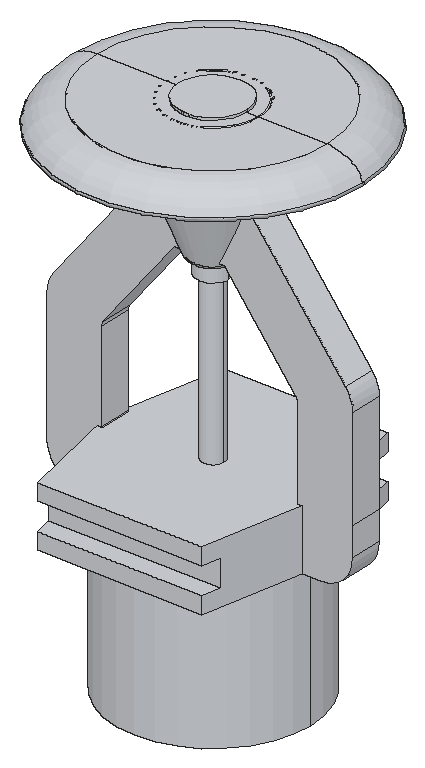
Revit family
Parameters (values of type "RASCO J112 UPRIGHT")
  Temperature Rating = 155 °F
  Response = 1
  RASCO SIN # = "RA7326"
  RASCO Part # = "J112U1W"
  Pressure Rating = "175 PSI"
  Pressure Class = (empty or 0)
  Orifice Size = 3/4"
  Orifice = (empty or 0)
  Model = "J112"
  Manufacturer = "RASCO"
  K-Factor = 11.2
  Description = "WHITE FINISH"
  Coverage = (empty or 0)
Reference planes (in)
  plane 1 "Center (Front/Back)": y = 0
  plane 2: z = 0
  plane 3 "Center (Left/Right)": x = 0
Nested families (in)
  nested 1: "J112U1W" at (0, 0, 0), type "RASCO J112 UPRIGHT"
Connectors (in)
  piping at (0, 0, 0)
    settings: on nested 1, index 1, connector radius 1/2", flow factor 0, pipe flow 0 GPM, pressure drop 0.00 psi, fitting loss kfactor 0, connector angle 0.00°, fixture units 0, flow configuration 0, flow direction 0, fitting loss method 0, system type 7, connector reference index -1, connector utility 0, adjustable connector no, is connector primary yes, fitting loss table "", connector description ""
Definition of nested family "J112U1W"
  Parameters (values of type "RASCO J112 UPRIGHT")
    Type Comments = ""
    Temperature Rating = 0 °F
    Response = (empty or 0)
    Pressure Rating = "0"
    Pressure Class = (empty or 0)
    Orifice Size = 0"
    Orifice = (empty or 0)
    Model = ""
    Manufacturer = ""
    K-Factor = 0
    Description = ""
    Coverage = (empty or 0)
    Assembly Code = ""
  Reference planes (in)
    plane 1 "Center (Front/Back)": y = 0
    plane 2: z = 0
    plane 3 "REF.1": z = 0.773
    plane 4 "top": z = 2.8125
    plane 5: x = -0.81624
    plane 6: x = 0.81332
    plane 7 "ref.2": z = 2.098
    plane 8 "head": z = 2.6725
    plane 9 "left/right center": x = 0
    plane 10 "screw": z = 1.98251
    plane 11 "bulb": z = 1.098
  Forms (in)
    Extrusion 1, solid
      sketch origin (0, 0, 0) x (1, 0, 0) y (0, 1, 0)
        loop
          circle (0, 0) r 0.5221
      from 0 to 0.773
    Extrusion 2, solid
      sketch origin (0, 0, 0.773) x (-1, 0, 0) y (0, -1, 0)
        loop
          line (-0.43619, -0.62052) -> (0.4375, -0.62052) -> (0.56391, 0) -> (0.4375, 0.62052) -> (-0.43619, 0.62052) -> (-0.56259, 0) -> (-0.43619, -0.62052)
      from 0 to 0.325
    Extrusion 3, void
      sketch origin (0, 0, 0) x (1, 0, 0) y (0, 0, 1)
        loop
          line (-0.56391, 1.00774) -> (-0.56391, 0.86298) -> (0.56259, 0.86298) -> (0.56259, 1.00774) -> (-0.56391, 1.00774)
      from 0.52148 to 0.62052
    Extrusion 4, solid
      sketch origin (0, 0, 0) x (1, 0, 0) y (0, 0, 1)
        loop
          line (-0.5221, 0.773) -> (-0.5221, 1.098) -> (-0.5221, 1.58091)
          arc (-0.5221, 1.58091) -> (-0.5194, 1.59708) -> (-0.51161, 1.61149) r 0.04979
          line (-0.51161, 1.61149) -> (-0.13316, 2.098) -> (-0.00066, 2.098) -> (0.13184, 2.098) -> (0.5115, 1.61158)
          arc (0.5115, 1.61158) -> (0.51938, 1.59706) -> (0.5221, 1.58077) r 0.05007
          line (0.5221, 1.58077) -> (0.5221, 1.098) -> (0.5221, 0.773) -> (0.64763, 0.773)
          arc (0.64763, 0.773) -> (0.76676, 0.82234) -> (0.8161, 0.94147) r 0.16847
          line (0.8161, 0.94147) -> (0.8161, 1.098) -> (0.8161, 1.63725)
          arc (0.8161, 1.63725) -> (0.80631, 1.69579) -> (0.77801, 1.74796) r 0.17993
          line (0.77801, 1.74796) -> (0.18552, 2.50706) -> (-0.18743, 2.50706) -> (-0.77818, 1.74764)
          arc (-0.77818, 1.74764) -> (-0.80636, 1.69554) -> (-0.8161, 1.63712) r 0.18
          line (-0.8161, 1.63712) -> (-0.8161, 1.098) -> (-0.8161, 0.94094)
          arc (-0.8161, 0.94094) -> (-0.76691, 0.82219) -> (-0.64816, 0.773) r 0.16794
          line (-0.64816, 0.773) -> (-0.5221, 0.773)
      from -0.08649 to 0.08732
    Extrusion 5, void
      sketch origin (0.00728, 1.142, 0) x (1, 0, 0) y (0, 0, 1)
        loop
          line (-0.56391, 1.00774) -> (-0.56391, 0.86298) -> (0.56259, 0.86298) -> (0.56259, 1.00774) -> (-0.56391, 1.00774)
      from 0.52148 to 0.62052
    Revolve 6, solid
      sketch origin (0, 0, 0) x (1, 0, 0) y (0, 0, 1)
        loop
          line (-0.00066, 2.8125) -> (-0.24139, 2.8125)
          arc (-0.24139, 2.8125) -> (-0.25522, 2.80677) -> (-0.26095, 2.79293) r 0.01957
          line (-0.26095, 2.79293) -> (-0.26095, 2.42899)
          arc (-0.26095, 2.42899) -> (-0.25939, 2.41285) -> (-0.25476, 2.3973) r 0.08419
          line (-0.25476, 2.3973) -> (-0.12582, 2.07995)
          arc (-0.12582, 2.07995) -> (-0.11591, 2.06775) -> (-0.10088, 2.06316) r 0.02692
          line (-0.10088, 2.06316) -> (-0.00066, 2.06316) -> (-0.00066, 2.8125)
        axis (-0.00066, 2.8125) -> (-0.00066, 2.06316)
      angle from 0 to 360
    Revolve 7, solid
      sketch origin (0, 0, 0) x (1, 0, 0) y (0, 0, 1)
        loop
          line (-0.00095, 2.8125) -> (-0.61569, 2.8125)
          arc (-0.61569, 2.8125) -> (-0.72648, 2.78068) -> (-0.8035, 2.69491) r 0.20878
          arc (-0.8035, 2.69491) -> (-0.8027, 2.68003) -> (-0.78967, 2.67281) r 0.01538
          line (-0.78967, 2.67281) -> (-0.00095, 2.67281) -> (-0.00095, 2.8125)
        axis (-0.00095, 2.8125) -> (-0.00095, 2.67281)
      angle from 0 to 360
    Extrusion 8, solid
      sketch origin (0, 0, 2.8125) x (-1, 0, 0) y (0, -1, 0)
        loop
          circle (0.00095, 0) r 0.18173
      from 0 to 0.01153
    Extrusion 9, solid
      sketch origin (0, 0, 1.98251) x (-1, 0, 0) y (0, -1, 0)
        loop
          circle (0, 0) r 0.087
      from 0 to 0.0806
    Extrusion 10, solid
      sketch origin (0, 0, 1.098) x (-1, 0, 0) y (0, -1, 0)
        loop
          circle (0, 0) r 0.05954
      from 0 to 0.88451
  Cuts and joins
    Extrusion 3, Extrusion 5 cuts Extrusion 2
  Dimensions and locks (in)
    plane 4 "top" to level = 0' - 2 13/16"
